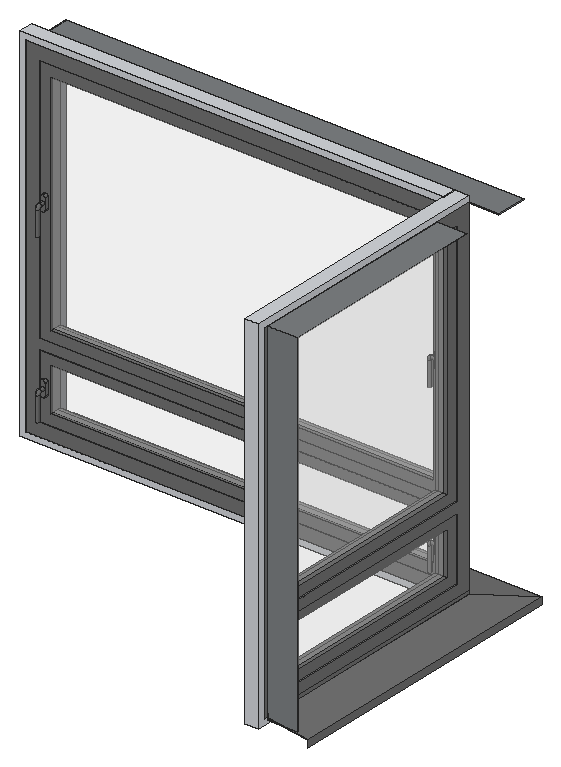
Revit family "AVLN_Окно_Г-образное_1_1_НГС", category Окна, Revit 2021
Family settings
  Основа = Стена
  Номер OmniClass = 23.30.20.00
  Заголовок OmniClass = Windows
  Всегда вертикально = Да
  При загрузке вырезать с полостями = Нет
  Общий = Нет
  Точка принадлежности помещению = Нет
Parameters (values of type "Теплое_(2150х800)х1600(h) отлив 180мм")
  Ширина.2 = 1300 mm
  Ширина.1 = 2100 mm
  Ширина створки 2 = Ширина.2 - Ширина рамы * 2 - Монтажный зазор  # 1130 mm
  Ширина рамы = 70 mm
  Створка право низ = АВЛН_Створка открывная : Створка повороно-откидная правая
  Створка право верх = АВЛН_Створка открывная : Створка повороно-откидная правая
  Створка лево низ = АВЛН_Створка открывная : Створка повороно-откидная правая
  Створка лево верх = АВЛН_Створка открывная : Створка повороно-откидная правая
  Откос толщина = 2 mm
  Откос наружный = yes
  Откос длина 2 = Ширина.2 - [Четверть слева/справа]  # 1250 mm
  Откос длина 1 = Ширина.1 + Ширина рамы - [Четверть слева/справа]  # 2120 mm
  Откос высота = ADSK_Размер_Высота - Черверть верх  # 1750 mm
  Откос Н.Глубина = 150 mm
  Определить тепловые свойства по = Тип схем
  М.Откос = ADSK_Штукатурка_Шероховатая серая_Откосы
  Глубина вставки = 0 mm
  Высота нижней створки = 320 mm
  Ширина створки = Ширина.1 - Монтажный зазор - Ширина рамы  # 2000 mm
  Ширина импоста = 50 mm
  Четверть низ = 0 mm  # constant formula
  Четверть слева/справа = 50 mm
  Черверть верх = 50 mm
  Толщина створки = 25 mm  # constant formula
  Створка_Глубина = 50 mm
  Rough Width = ADSK_Размер_Ширина  # 1500 mm
  Rough Height = ADSK_Размер_Высота  # 1800 mm
  Подстановочный профиль_Толщина = 50 mm
  Подоконник_Толщина = 20 mm
  Подоконник_Длина = ADSK_Размер_Ширина  # 1500 mm
  Подоконник_Глубина = 190 mm
  Подоконник.2 = Ширина.2 - Ширина рамы  # 1230 mm
  Подоконник.1 = Ширина.1  # 2100 mm
  Подоконник = no
  Отлив_Толщина = 1 mm  # constant formula
  Отлив_Длина.1 = Ширина.1 + Ширина рамы - [Четверть слева/справа]  # 2120 mm
  Отлив_Глубина = 180 mm
  Отлив_Длина.2 = Ширина.2 - [Четверть слева/справа]  # 1250 mm
  Отлив = yes
  Монтажный зазор = 30 mm  # constant formula
  М.Подоконник = AVLN_Материал импоста_RAL 7024
  М.Отлив = AVLN_Материал импоста_RAL 7024
  М.Монтажного зазора = none
  М.Стекла = AVLN_Остекление окон и дверей
  М.Рамы = AVLN_Материал импоста_RAL 7024
  М.Подоконный профиль = Рама
  Высота установки ручки = 380 mm
  Высота створки = ADSK_Размер_Высота - 2 * Монтажный зазор - Ширина импоста - Высота нижней створки - 2 * Ширина рамы  # 1230 mm
  Height = ADSK_Размер_Высота  # 1800 mm
  Высота подоконника по умолчанию = 800 mm
  Замыкание стены = По основе
  Width = ADSK_Размер_Ширина  # 1500 mm
  Аналитическая конструкция = "<Нет>"
  ADSK_Этаж [instance] = ""
  ADSK_Размер_Ширина = 1500 mm
  ADSK_Размер_Высота = 1800 mm
  ADSK_Примечание [instance] = ""
  ADSK_Обозначение = ""
  ADSK_Номер секции = ""
  ADSK_Наименование = ""
  ADSK_Марка = "ОК-5"
  ADSK_Группирование = ""
  -----------Разрезка----------- = ""
  -----------Профили----------- = ""
  -----------Подоконник----------- = ""
  -----------Отлив----------- = ""
  -----------Откос----------- = ""
  -----------Основные габариты----------- = ""
  -----------Вставка----------- = ""
Reference planes
  plane 1 "По центру (Вперед/Назад)": y = 0
  plane 2 "По центру (Влево/Вправо)": x = 0
  plane 3 "Слева": x = -1085
  plane 4 "Справа": x = 1085
  plane 5 "Подоконник": z = 800
  plane 6 "Заголовок": z = 2600
  plane 7 "Наружный": y = 100
  plane 8 "Внутренние": y = -100
  plane 9 "Окно": y = 100
  plane 10: x = 1055
  plane 11: z = 2570
  plane 12: x = -1085
  plane 13: z = 830
  plane 14: x = 1035
  plane 15: x = -1035
  plane 16: z = 1700
  plane 17: y = 400
  plane 18: y = -400
  plane 19: z = 2550
  plane 20 "Чет. низ": z = 800
  plane 21 "Верх створка": y = 30
  plane 22: y = -1200
  plane 23: x = 1015
  plane 24 "Право створка": x = 1015
  plane 25: y = -1150
  plane 26: x = 1385
  plane 27: z = 2500
  plane 28: z = 900
  plane 29: z = 1700
  plane 30: x = -1055
  plane 31: x = -985
  plane 32: z = 1885
  plane 33: x = 15
  plane 34: z = 1060
  plane 35: y = -535
  plane 36: z = 1220
  plane 37: z = 1270
  plane 38: y = -1170
  plane 39: y = -1100
Forms (mm)
  Extrusion 1, void
    sketch origin (0, 100, 0) x (1, 0, 0) y (0, 0, 1)
      loop
        line (1085, 2550) -> (-1035, 2550) -> (-1035, 800) -> (1085, 800) -> (1085, 2550)
    from -300 to 0
  Extrusion 2, void
    sketch origin (0, 100, 0) x (1, 0, 0) y (0, 0, 1)
      loop
        line (1085, 2600) -> (-1085, 2600) -> (-1085, 800) -> (1085, 800) -> (1085, 2600)
    from 0 to 1300
  Extrusion 3, void
    sketch origin (-1085, 0, 0) x (0, -1, 0) y (0, 0, 1)
      loop
        line (-100, 800) -> (1150, 800) -> (1150, 2550) -> (-100, 2550) -> (-100, 800)
    from -2470 to -2170
  Extrusion 4, void
    sketch origin (0, 0, 800) x (0, -1, 0) y (1, 0, 0)
      loop
        line (-100, 1085) -> (-100, 1385) -> (-400, 1385) -> (-400, 1085) -> (-100, 1085)
    from 0 to 1750
Text (mm)
  text "EXTERIOR" at (-1963.203, 1332.353, 0), in view "Опорный уровень"
  text "INTERIOR" at (-1981.466, -818.386, 0), in view "Опорный уровень"
  text "Наружный" at (0, 923.751, 2943.296), in view "Справа"
  text "Наружный" at (0, 1240.237, 2685.409), in view "Слева"
Dimensions and locks
  equal spacing: plane 3 "Слева", plane 2 "По центру (Влево/Вправо)", plane 4 "Справа"
  "Ширина.1": plane 3 "Слева" to plane 24 "Право створка"
  "Rough Height": plane 5 "Подоконник" to plane 6 "Заголовок"
  "Высота подоконника по умолчанию": plane 5 "Подоконник" to level
  locked: plane 7 "Наружный" to host wall
  locked: plane 8 "Внутренние" to host wall
  "Глубина вставки": plane 9 "Окно" to plane 7 "Наружный"
  "Монтажный зазор": plane 10 to plane 4 "Справа"
  locked: plane 3 "Слева" to plane 12
  "Монтажный зазор": plane 11 to plane 6 "Заголовок"
  "Монтажный зазор": plane 5 "Подоконник" to plane 13
  "Четверть слева/справа": plane 14 to plane 4 "Справа"
  "Четверть слева/справа": plane 3 "Слева" to plane 15
  equal spacing: plane 5 "Подоконник", plane 16, plane 6 "Заголовок"
  locked: plane 7 "Наружный" to plane 17 at 300
  locked: plane 18 to plane 8 "Внутренние" at 300
  "Черверть верх": plane 19 to plane 6 "Заголовок"
  "Четверть низ": plane 5 "Подоконник" to plane 20 "Чет. низ"
  "Ширина рамы": plane 9 "Окно" to plane 21 "Верх створка"
  "Ширина.2": plane 9 "Окно" to plane 22
  "Ширина рамы": plane 23 to plane 4 "Справа"
  "Ширина рамы": plane 24 "Право створка" to plane 4 "Справа"
  "Четверть слева/справа": plane 25 to plane 22
  locked: plane 4 "Справа" to plane 26 at 300
  "Ширина рамы": plane 27 to plane 11
  equal spacing: plane 28, plane 29, plane 27
  "Монтажный зазор": plane 12 to plane 30
  "Ширина рамы": plane 30 to plane 31
  Extrusion 1 to plane 21 "Верх створка" to nested 3 to plane 22 = 70 mm, 1130 mm, 100 mm
  nested 3 to plane 22 = 30 mm
  equal spacing: plane 37, plane 32, plane 27
  equal spacing: plane 24 "Право створка", plane 33, plane 31
  equal spacing: plane 28, plane 34, plane 36
  equal spacing: plane 39, plane 35, plane 21 "Верх створка"
  "Высота нижней створки": plane 28 to plane 36
  "Ширина импоста": plane 36 to plane 37
  "Монтажный зазор": plane 22 to plane 38
  "Ширина рамы": plane 38 to plane 39
  "Ширина рамы": plane 28 to plane 13
  aligned and locked: Extrusion 1 sketch curve to plane 15
  aligned and locked: Extrusion 1 to plane 9 "Окно"
  aligned and locked: plane 17 to Extrusion 1
  aligned and locked: Extrusion 2 sketch curve to plane 6 "Заголовок"
  aligned and locked: Extrusion 2 sketch curve to plane 4 "Справа"
  aligned and locked: plane 5 "Подоконник" to Extrusion 2 sketch curve
  aligned and locked: plane 3 "Слева" to Extrusion 2 sketch curve
  aligned and locked: Extrusion 2 to plane 9 "Окно"
  aligned and locked: Extrusion 1 sketch curve to plane 19
  aligned and locked: plane 20 "Чет. низ" to Extrusion 1 sketch curve
  aligned and locked: plane 9 "Окно" to nested 1
  aligned and locked: nested 2 to plane 21 "Верх створка"
  aligned and locked: nested 3 to plane 5 "Подоконник"
  aligned and locked: plane 4 "Справа" to Extrusion 1 sketch curve
  aligned and locked: Extrusion 3 sketch curve to plane 9 "Окно"
  aligned and locked: Extrusion 3 sketch curve to plane 19
  aligned and locked: Extrusion 3 sketch curve to plane 25
  aligned and locked: Extrusion 3 sketch curve to plane 20 "Чет. низ"
  aligned and locked: plane 26 to Extrusion 3
  aligned and locked: Extrusion 2 to plane 22
  aligned and locked: plane 4 "Справа" to Extrusion 4 sketch curve
  aligned and locked: plane 26 to Extrusion 4 sketch curve
  aligned and locked: plane 9 "Окно" to Extrusion 4 sketch curve
  aligned and locked: plane 5 "Подоконник" to Extrusion 4
  aligned and locked: plane 19 to Extrusion 4
  aligned and locked: plane 15 to nested 1
  aligned and locked: nested 2 to plane 12
  aligned and locked: plane 4 "Справа" to Extrusion 3
  aligned and locked: nested 5 to plane 9 "Окно"
  aligned and locked: nested 5 to plane 4 "Справа"
  aligned and locked: nested 7 to plane 22
  aligned and locked: nested 7 to plane 9 "Окно"
  aligned and locked: nested 7 to plane 6 "Заголовок"
  aligned and locked: nested 7 to plane 20 "Чет. низ"
  aligned and locked: plane 6 "Заголовок" to nested 6
  aligned and locked: nested 6 to plane 3 "Слева"
  aligned and locked: nested 6 to plane 4 "Справа"
  aligned and locked: plane 35 to nested 8
  aligned and locked: plane 35 to nested 9
  aligned and locked: nested 9 to plane 34
  aligned and locked: plane 33 to nested 10
  aligned and locked: nested 10 to plane 32
  aligned and locked: nested 11 to plane 34
  aligned and locked: nested 11 to nested 4
  aligned and locked: nested 8 to plane 32
  aligned and locked: nested 4 to plane 20 "Чет. низ"
  aligned and locked: plane 22 to nested 3
Automatic sketch dimensions
  plane 17 to Extrusion 4 sketch curve = 0 mm
Nested families
  nested 1: "Отлив-Г" at (25, 100, 800) x (-1, 0, 0) z (0, 0, 1), Глубина отлива <- "Отлив_Глубина", Длина отлива <- "Отлив_Длина.1", ТО <- "Отлив_Толщина", Ш_МЗЗ <- "Монтажный зазор", ADSK_Группирование <- "ADSK_Группирование", ADSK_Номер секции <- "ADSK_Номер секции", ADSK_Этаж <- "ADSK_Этаж", Ш2 <- "Отлив_Длина.2", visible <- "Отлив", type "Отлив"
    with Ш_ПП 20 mm, Ш_МЗЗ 30 mm, Ш2 1250 mm, ТО 1 mm, Длина отлива 2120 mm, Глубина отлива 180 mm, ADSK_Этаж "", ADSK_Примечание "", ADSK_Обозначение "", ADSK_Номер секции "", ADSK_Наименование "", ADSK_Марка "", ADSK_Группирование ""
  nested 2: "Подоконник-Г" at (-35, 30, 800), Глубина подоконника <- "Подоконник_Глубина", ТП <- "Подоконник_Толщина", Ш_МЗЗ <- "Монтажный зазор", ADSK_Группирование <- "ADSK_Группирование", ADSK_Номер секции <- "ADSK_Номер секции", ADSK_Этаж <- "ADSK_Этаж", visible <- "Подоконник", Длина <- "Подоконник.1", Ш2 <- "Подоконник.2", М <- "М.Подоконник", type "Подоконник"
    with Ш_ПП 20 mm, Ш_МЗЗ 30 mm, Ш2 1230 mm, ТП 20 mm, М AVLN_Материал импоста_RAL 7024, Длина 2100 mm, Глубина подоконника 190 mm, ADSK_Этаж "", ADSK_Примечание "", ADSK_Обозначение "", ADSK_Номер секции "", ADSK_Наименование "", ADSK_Марка "", ADSK_Группирование ""
  nested 3: "О-Г1" at (1085, -535, 1700) x (0, 1, 0) z (-1, 0, 0), type "О-Г1"
  nested 4: "О2-Г1" at (15, 100, 2080) x (-1, 0, 0) z (0, -1, 0), type "О2-Г1"
  nested 5: "Откос_Г-образный" at (100, 175, 820), ADSK_Размер_Толщина <- "Откос толщина", Ширина 1 <- "Откос длина 1", Ширина 2 <- "Откос длина 2", ADSK_Размер_Высота <- "Откос высота", visible <- "Откос наружный", Материал <- "М.Откос", ADSK_Размер_Глубина <- "Откос Н.Глубина", type "Откос_Г-образный"
    with Ширина 2 1250 mm, Ширина 1 2120 mm, Материал ADSK_Штукатурка_Шероховатая серая_Откосы, Видимость yes, АВЛН_Помещения "", ADSK_Этаж "", ADSK_Размер_Ширина 3370 mm, ADSK_Размер_Толщина 2 mm, ADSK_Размер_Площадь 1.0305 m², ADSK_Размер_Глубина 150 mm, ADSK_Размер_Высота 1750 mm, ADSK_Номер секции "", ADSK_Группирование ""
  nested 6: "AVLN_Обозначение проема" at (0, 150, 1700) x (0, 0, -1) z (0, -1, 0), ADSK_Размер_Ширина <- "ADSK_Размер_Высота", type "AVLN_Обозначение проема", detail levels coarse
    with ADSK_Размер_Ширина 1800 mm, ADSK_Размер_Высота 2170 mm
  nested 7: "AVLN_Обозначение проема" at (1085, -550, 1700) x (0, 0, -1) z (-1, 0, 0), type "AVLN_Обозначение проема", detail levels coarse
    with ADSK_Размер_Ширина 1800 mm, ADSK_Размер_Высота 1300 mm
  nested 8: "АВЛН_Створка открывная" at (1015, -535, 1885) x (0, 1, 0) z (1, 0, 0), Створка высота <- "Высота створки", Створка ширина <- "Ширина створки 2", Материал_Ручки <- "М.Рамы", Материал_Рама <- "М.Рамы", Материал_Стеклопакет <- "М.Стекла", Ширина рамы <- "Ширина импоста", type <- "Створка лево верх", type "Створка повороно-откидная правая"
    with Ширина рамы 50 mm, Створка ширина 1130 mm, Створка высота 1230 mm, Материал_Стеклопакет AVLN_Остекление окон и дверей, Материал_Ручки AVLN_Материал импоста_RAL 7024, Материал_Рама AVLN_Материал импоста_RAL 7024
  nested 9: "АВЛН_Створка открывная" at (1015, -535, 1060) x (0, 1, 0) z (1, 0, 0), Створка высота <- "Высота нижней створки", Створка ширина <- "Ширина створки 2", Материал_Ручки <- "М.Рамы", Материал_Рама <- "М.Рамы", Материал_Стеклопакет <- "М.Стекла", Ширина рамы <- "Ширина импоста", type <- "Створка лево низ", type "Створка повороно-откидная правая"
    with Ширина рамы 50 mm, Створка ширина 1130 mm, Створка высота 320 mm, Материал_Стеклопакет AVLN_Остекление окон и дверей, Материал_Ручки AVLN_Материал импоста_RAL 7024, Материал_Рама AVLN_Материал импоста_RAL 7024
  nested 10: "АВЛН_Створка открывная" at (15, 30, 1885) x (-1, 0, 0) z (0, 1, 0), Створка высота <- "Высота створки", Створка ширина <- "Ширина створки", Материал_Ручки <- "М.Рамы", Материал_Рама <- "М.Рамы", Материал_Стеклопакет <- "М.Стекла", Ширина рамы <- "Ширина импоста", type <- "Створка право верх", type "Створка повороно-откидная правая"
    with Ширина рамы 50 mm, Створка ширина 2000 mm, Створка высота 1230 mm, Материал_Стеклопакет AVLN_Остекление окон и дверей, Материал_Ручки AVLN_Материал импоста_RAL 7024, Материал_Рама AVLN_Материал импоста_RAL 7024
  nested 11: "АВЛН_Створка открывная" at (15, 30, 1060) x (-1, 0, 0) z (0, 1, 0), Створка высота <- "Высота нижней створки", Створка ширина <- "Ширина створки", Материал_Ручки <- "М.Рамы", Материал_Рама <- "М.Рамы", Материал_Стеклопакет <- "М.Стекла", Ширина рамы <- "Ширина импоста", type <- "Створка право низ", type "Створка повороно-откидная правая"
    with Ширина рамы 50 mm, Створка ширина 2000 mm, Створка высота 320 mm, Материал_Стеклопакет AVLN_Остекление окон и дверей, Материал_Ручки AVLN_Материал импоста_RAL 7024, Материал_Рама AVLN_Материал импоста_RAL 7024
Definition of nested family "Отлив-Г"
  Parameters (values of type "Отлив")
    Ш_ПП [instance] = 50 mm
    Ш_МЗЗ [instance] = 35 mm
    Ш2 [instance] = 1115.021 mm
    ТО [instance] = 1 mm
    Default Elevation = 1219.2 mm
    М = none
    Длина отлива [instance] = 1560 mm
    Глубина отлива [instance] = 280 mm
    Analytic Construction = "<Нет>"
    ADSK_Этаж [instance] = ""
    ADSK_Примечание [instance] = ""
    ADSK_Обозначение [instance] = ""
    ADSK_Номер секции [instance] = ""
    ADSK_Наименование [instance] = ""
    ADSK_Марка [instance] = ""
    ADSK_Группирование [instance] = ""
  Reference planes
    plane 1 "По центру (Вперед/Назад)": y = 0
    plane 2: z = 0
    plane 3 "По центру (Влево/Вправо)": x = 0
    plane 4: y = -280
    plane 5: x = -780
    plane 6: x = 780
    plane 7: y = 1115.021
  Forms (mm)
    Sweep 1, solid, material <- "М", detail levels medium+fine
      path origin (0, 0, 0) x (1, 0, 0) y (0, 1, 0)
        loop
          line (-780, 1115.021) -> (-780, 0) -> (780, 0)
      profile "Профиль_Отлив : Профиль_Отлив" origin (-780, 557.51, 0) x (1, 0, 0) y (0, 0, 1)
        loop
          line (0, 50) -> (-1, 50) -> (-1, 34.893) -> (-300, 0.893) -> (-300, -35) -> (-299, -35) -> (-299, 0) -> (0, 34) -> (0, 50)
  Dimensions and locks
    equal spacing: plane 5, plane 3 "По центру (Влево/Вправо)", plane 6
    "Длина отлива": plane 5 to plane 6
    "Глубина отлива": plane 4 to plane 1 "По центру (Вперед/Назад)"
    "Ш2": plane 1 "По центру (Вперед/Назад)" to plane 7
    aligned and locked: level to plane 2
    aligned and locked: Sweep 1 sketch curve to plane 5
    aligned and locked: Sweep 1 sketch curve to plane 1 "По центру (Вперед/Назад)"
    aligned and locked: plane 7 to Sweep 1 sketch curve
    aligned and locked: plane 6 to Sweep 1 sketch curve
Definition of nested family "Подоконник-Г"
  Parameters (values of type "Подоконник")
    Ш_ПП [instance] = 50 mm
    Ш_МЗЗ [instance] = 35 mm
    Ш2 [instance] = 1440 mm
    ТП [instance] = 20 mm
    Default Elevation = 1219.2 mm
    М [instance] = none
    Длина [instance] = 1560 mm
    Глубина подоконника [instance] = 280 mm
    ADSK_Этаж [instance] = ""
    ADSK_Примечание [instance] = ""
    ADSK_Обозначение [instance] = ""
    ADSK_Номер секции [instance] = ""
    ADSK_Наименование [instance] = ""
    ADSK_Марка [instance] = ""
    ADSK_Группирование [instance] = ""
  Reference planes
    plane 1 "По центру (Вперед/Назад)": y = 0
    plane 2: z = 0
    plane 3 "По центру (Влево/Вправо)": x = 0
    plane 4: x = -780
    plane 5: x = 780
    plane 6: z = 35
    plane 7: z = 85
    plane 8: z = -35
    plane 9: z = 15
    plane 10: z = 65
    plane 11: y = -1440
  Forms (mm)
    Sweep 1, solid, material <- "М", detail levels medium+fine
      path origin (0, 0, 0) x (1, 0, 0) y (0, 1, 0)
        loop
          line (780, -1440) -> (780, 0) -> (-780, 0)
      profile "Профиль_Подоконник : Профиль_Подоконник" origin (0, 0, 0) x (0, -1, 0) y (0, 0, 1)
        loop
          line (0, 85) -> (0, 65) -> (290, 65) -> (290, 0) -> (310, 0) -> (310, 85) -> (0, 85)
  Dimensions and locks
    equal spacing: plane 4, plane 3 "По центру (Влево/Вправо)", plane 5
    "Длина": plane 4 to plane 5
    "Ш_МЗЗ": plane 6 to level
    "Ш_ПП": plane 7 to plane 6
    locked: level to plane 8 at 35
    "ТП": plane 6 to plane 9
    "ТП": plane 7 to plane 10
    "Ш2": plane 11 to plane 1 "По центру (Вперед/Назад)"
    aligned and locked: level to plane 2
    aligned and locked: Sweep 1 sketch curve to plane 1 "По центру (Вперед/Назад)"
    aligned and locked: Sweep 1 sketch curve to plane 5
    aligned and locked: plane 4 to Sweep 1 sketch curve
    aligned and locked: plane 11 to Sweep 1 sketch curve
Definition of nested family "О-Г1"
  Parameters (values of type "О-Г1")
    неСТ = and(not(Лево), not(Право), not(Откидывание))  # no
    ШС = 25 mm
    ШР = 70 mm
    ШПП = 20 mm
    ШНС = 320 mm
    ШИ = 50 mm
    ШДС = 300 mm
    Ш = 1300 mm
    ТС = 25 mm
    ТПП = 50 mm
    СТ = or((Лево), (Право), (Откидывание))  # yes
    Право = no
    Default Elevation = 1219.2 mm
    Откидывание = no
    Define Thermal Properties by = 1
    МЗР = 30 mm
    М.С = none
    М.Р = none
    М.ПП = none
    М.МЗ = none
    Лево = yes
    Вы = 1800 mm
    ВУР = 380 mm
    ВНС = 320 mm
    Analytic Construction = "<Нет>"
    0 = 0 mm  # constant formula
  Reference planes
    plane 1 "По центру (Вперед/Назад)": y = 0
    plane 2: z = 0
    plane 3 "По центру (Влево/Вправо)": x = 0
    plane 4: x = -635
    plane 5: x = 635
    plane 6: y = 870
    plane 7: y = -870
    plane 8: x = -565
    plane 9: y = 800
    plane 10: x = 565
    plane 11: y = -800
    plane 12: x = -565
    plane 13: y = -800
    plane 14: y = -800
    plane 15: y = -800
    plane 16: z = 70
    plane 17: x = -540
    plane 18: y = 775
    plane 19: x = 540
    plane 20: y = -775
    plane 21 "СЗ": z = 45
    plane 22 "СП": z = 20
    plane 23: y = 0
    plane 24: x = 0
    plane 25: x = -665
    plane 26: x = 635
    plane 27: y = 900
    plane 28: y = -900
    plane 29 "СЕР": z = 35
    plane 30: z = 60
    plane 31: z = 10
    plane 32: y = -50
    plane 33: x = -552.5
    plane 34: x = 552.5
    plane 35: y = -430
    plane 36: y = -480
    plane 37: y = 172.5
    plane 38: y = -640
    plane 39: x = -100
    plane 40: x = 100
  Forms (mm)
    Extrusion 1, solid
      sketch origin (0, 0, 0) x (1, 0, 0) y (0, 1, 0)
        loop
          line (-1219.2, 1219.2) -> (-1219.2, -1219.2) -> (1219.2, -1219.2) -> (1219.2, 1219.2) -> (-1219.2, 1219.2)
      from 0 to -304.8
    Extrusion 2, solid, material <- "М.Р", detail levels medium+fine
      sketch origin (0, 0, 0) x (1, 0, 0) y (0, 1, 0)
        loop
          line (-635, 870) -> (-635, -870) -> (635, -870) -> (635, 870) -> (-635, 870)
        loop
          line (-565, 800) -> (-565, -430) -> (565, -430) -> (565, 800) -> (-565, 800)
        loop
          line (-565, -800) -> (565, -800) -> (565, -480) -> (-565, -480) -> (-565, -800)
      from 0 to 70
    Extrusion 3, solid, material <- "М.МЗ", detail levels medium+fine
      sketch origin (0, 0, 0) x (1, 0, 0) y (0, 1, 0)
        loop
          line (-665, 900) -> (-665, -900) -> (635, -900) -> (635, -870) -> (-635, -870) -> (-635, 870) -> (635, 870) -> (635, 900) -> (-665, 900)
      from 0 to 70
  Lines and regions (mm)
    symbolic lines
      curve 1: line (635, 0, 70) -> (565, 0, 70)
      curve 2: line (635, 0, 0) -> (635, 0, 70)
      curve 3: line (565, 0, 0) -> (635, 0, 0)
      curve 4: line (565, 0, 70) -> (565, 0, 0)
      curve 5: line (-565, 0, 70) -> (-665, 0, 70)
      curve 6: line (-565, 0, 0) -> (-565, 0, 70)
      curve 7: line (-665, 0, 0) -> (-565, 0, 0)
      curve 8: line (-665, 0, 70) -> (-665, 0, 0)
      curve 9: line (-565, 0, 70) -> (-635, 0, 70)
      curve 10: line (-565, 0, 0) -> (-565, 0, 70)
      curve 11: line (-635, 0, 0) -> (-565, 0, 0)
      curve 12: line (-635, 0, 70) -> (-635, 0, 0)
      curve 13: line (565, 0, 70) -> (-565, 0, 70)
      curve 14: line (565, 0, 0) -> (-565, 0, 0)
      curve 15: line (-635, 0, 70) -> (-565, 0, 70)
      curve 16: line (-635, 0, 0) -> (-565, 0, 0)
  Dimensions and locks
    equal spacing: plane 4, plane 3 "По центру (Влево/Вправо)", plane 5
    equal spacing: plane 6, plane 1 "По центру (Вперед/Назад)", plane 7
    "Вы": plane 27 to plane 28
    "Ш": plane 25 to plane 26
    "ШР": plane 6 to plane 9
    "ШР": plane 11 to plane 7
    "ШР": plane 10 to plane 5
    "ШР": plane 4 to plane 8
    equal spacing: plane 15, plane 14, plane 13
    "0": plane 15 to plane 13
    "0": plane 13 to plane 11
    "ШР": plane 16 to level
    "ШС": plane 12 to plane 17
    "ШС": plane 19 to plane 10
    "ШС": plane 9 to plane 18
    "ШС": plane 20 to plane 15
    "ТС": plane 16 to plane 21 "СЗ"
    "ТС": plane 21 "СЗ" to plane 22 "СП"
    equal spacing: plane 9, plane 23, plane 15
    equal spacing: plane 17, plane 24, plane 19
    "МЗР": plane 25 to plane 4
    locked: plane 5 to plane 26
    "МЗР": plane 27 to plane 6
    equal spacing: plane 16, plane 29 "СЕР", level
    equal spacing: plane 30, plane 29 "СЕР", plane 31
    "ТПП": plane 30 to plane 31
    "ВУР": plane 32 to plane 35
    plane 33 to plane 17 = 12.5 mm
    equal spacing: plane 19, plane 34, plane 10
    "ВНС": plane 36 to plane 15
    "ШИ": plane 35 to plane 36
    equal spacing: plane 18, plane 37, plane 35
    equal spacing: plane 36, plane 38, plane 15
    plane 39 to plane 3 "По центру (Влево/Вправо)" to plane 40 = 100 mm locked, 100 mm locked
    "МЗР": plane 7 to plane 28
    aligned and locked: plane 2 to Extrusion 1
    aligned and locked: level to Extrusion 1
    aligned and locked: Extrusion 2 sketch curve to plane 4
    aligned and locked: Extrusion 2 sketch curve to plane 8
    aligned and locked: Extrusion 2 sketch curve to plane 6
    aligned and locked: Extrusion 2 sketch curve to plane 9
    aligned and locked: Extrusion 2 sketch curve to plane 10
    aligned and locked: Extrusion 2 sketch curve to plane 5
    aligned and locked: Extrusion 2 sketch curve to plane 15
    aligned and locked: Extrusion 2 sketch curve to plane 7
    aligned and locked: plane 16 to Extrusion 2
    aligned and locked: curve 1 to plane 16
    aligned and locked: level to curve 3
    aligned and locked: plane 10 to curve 4
    aligned and locked: curve 6 to plane 8
    aligned and locked: curve 5 to plane 16
    aligned and locked: level to curve 7
    aligned and locked: plane 10 to curve 14
    aligned and locked: plane 8 to curve 15
    aligned and locked: curve 14 to level
    aligned and locked: curve 16 to level
    aligned and locked: curve 15 to plane 16
    aligned and locked: curve 13 to plane 16
    aligned and locked: Extrusion 3 sketch curve to plane 25
    aligned and locked: Extrusion 3 sketch curve to plane 27
    aligned and locked: Extrusion 3 sketch curve to plane 4
    aligned and locked: Extrusion 3 sketch curve to plane 5
    aligned and locked: Extrusion 3 sketch curve to plane 6
    aligned and locked: Extrusion 3 to level
    aligned and locked: plane 16 to Extrusion 3
    aligned and locked: curve 2 to plane 26
    aligned and locked: plane 25 to curve 8
    aligned and locked: Extrusion 3 sketch curve to plane 28
    aligned and locked: plane 12 to plane 8
    aligned and locked: plane 4 to curve 12
    aligned and locked: Extrusion 2 sketch curve to plane 35
    aligned and locked: Extrusion 2 sketch curve to plane 36
    aligned and locked: plane 7 to Extrusion 3
  Automatic sketch dimensions
    Extrusion 1 sketch curve to Extrusion 1 sketch curve = 2438.4 mm  (x2)
    Extrusion 3 sketch curve to plane 5 = 0 mm
    Extrusion 2 sketch curve to Extrusion 2 sketch curve = 0 mm
    Extrusion 2 sketch curve to plane 10 = 0 mm
    Extrusion 3 sketch curve to plane 7 = 0 mm
Definition of nested family "О2-Г1"
  Parameters (values of type "О2-Г1")
    Width = 2100 mm
    ШШ = Ш + МЗР + ШР  # 2200 mm
    ШС = 25 mm
    ШР = 70 mm
    ШПП = 20 mm
    ШНС = 320 mm
    ШИ = 50 mm
    ШДС = 2000 mm
    Ш = 2100 mm
    ТС = 25 mm
    ТПП = 50 mm
    СТ.2 = no
    СТ.1 = no
    Default Elevation = 1219.2 mm
    Define Thermal Properties by = 1
    МЗР = 30 mm
    М.С = none
    М.Р = none
    М.ПП = none
    М.МЗ = none
    Вы = 1800 mm
    Analytic Construction = "<Нет>"
  Reference planes
    plane 1 "По центру (Вперед/Назад)": y = 0
    plane 2: z = 0
    plane 3 "По центру (Влево/Вправо)": x = 0
    plane 4: x = -1070
    plane 5: x = 1070
    plane 6: y = 490
    plane 7: y = -1250
    plane 8: x = -1000
    plane 9: y = 420
    plane 10: x = 1000
    plane 11: y = -1180
    plane 12: y = -860
    plane 13: y = -835
    plane 14: y = -810
    plane 15: z = 70
    plane 16: y = 395
    plane 17: z = 50
    plane 18: z = 25
    plane 19: y = -195
    plane 20: x = -1100
    plane 21: x = 1100
    plane 22: y = 520
    plane 23: y = -1280
    plane 24: z = 35
    plane 25: z = 60
    plane 26: z = 10
    plane 27: y = 455
    plane 28: y = -145
    plane 29 "СЕР": z = 35
    plane 30: x = 0
    plane 31: y = -1020
  Forms (mm)
    Extrusion 1, solid
      sketch origin (0, 0, 0) x (1, 0, 0) y (0, 1, 0)
        loop
          line (-1219.2, 1219.2) -> (-1219.2, -1219.2) -> (1219.2, -1219.2) -> (1219.2, 1219.2) -> (-1219.2, 1219.2)
      from 0 to -304.8
    Extrusion 2, solid, material <- "М.Р", detail levels medium+fine
      sketch origin (0, 0, 0) x (1, 0, 0) y (0, 1, 0)
        loop
          line (-1000, 490) -> (-1000, 420) -> (1000, 420) -> (1000, -810) -> (-1000, -810) -> (-1000, -860) -> (1000, -860) -> (1000, -1180) -> (-1000, -1180) -> (-1000, -1250) -> (1070, -1250) -> (1070, 490) -> (-1000, 490)
      from 0 to 70
    Extrusion 3, solid, material <- "М.МЗ", detail levels medium+fine
      sketch origin (0, 0, 0) x (1, 0, 0) y (0, 1, 0)
        loop
          line (-1000, 520) -> (-1000, 490) -> (1070, 490) -> (1070, -1250) -> (-1000, -1250) -> (-1000, -1280) -> (1100, -1280) -> (1100, 520) -> (-1000, 520)
      from 0 to 70
  Lines and regions (mm)
    symbolic lines
      curve 1: line (1100, 0, 70) -> (1000, 0, 70)
      curve 2: line (1100, 0, 0) -> (1100, 0, 70)
      curve 3: line (1000, 0, 0) -> (1100, 0, 0)
      curve 4: line (1000, 0, 70) -> (1000, 0, 0)
      curve 5: line (-1000, 0, 70) -> (-1070, 0, 70)
      curve 6: line (-1000, 0, 0) -> (-1000, 0, 70)
      curve 7: line (-1070, 0, 0) -> (-1000, 0, 0)
      curve 8: line (-1070, 0, 70) -> (-1070, 0, 0)
      curve 9: line (1070, 0, 70) -> (1010, 0, 70)
      curve 10: line (1070, 0, 0) -> (1070, 0, 70)
      curve 11: line (1010, 0, 0) -> (1070, 0, 0)
      curve 12: line (1000, 0, 70) -> (1070, 0, 70)
      curve 13: line (1000, 0, 0) -> (1070, 0, 0)
      curve 14: line (1010, 0, 70) -> (-1000, 0, 70)
      curve 15: line (1010, 0, 0) -> (-1000, 0, 0)
      curve 16: line (1100, 0, 70) -> (1070, 0, 70)
      curve 17: line (1070, 0, 0) -> (1100, 0, 0)
    model lines, visible <- "СТ.2", not visible
      curve 18: line (532.382, 277.588, 0) -> (532.382, 77.588, 0)
      curve 19: line (432.382, 174.579, 0) -> (632.382, 174.579, 0)
    model lines, not visible
      curve 20: line (100, 302.388, 0) -> (100, 102.388, 0)
      curve 21: line (0, 199.379, 0) -> (200, 199.379, 0)
    model lines, visible <- "СТ.1", not visible
      curve 22: line (-537.854, 302.388, 0) -> (-537.854, 102.388, 0)
      curve 23: line (-637.854, 199.379, 0) -> (-437.854, 199.379, 0)
    symbolic lines, visible <- "СТ.1", not visible
      curve 24: line (-670, -176.991, 0) -> (-670, -376.991, 0)
      curve 25: line (-770, -280, 0) -> (-570, -280, 0)
    symbolic lines, visible <- "СТ.2", not visible
      curve 26: line (800.4, -70, 0) -> (800.4, -270, 0)
      curve 27: line (700.4, -173.009, 0) -> (900.4, -173.009, 0)
    symbolic lines, visible <- "СТ.1", not visible, detail levels medium
      curve 28: line (125.2, -70, 0) -> (125.2, -270, 0)
      curve 29: line (25.2, -173.009, 0) -> (225.2, -173.009, 0)
    symbolic lines, not visible
      curve 30: line (0, -585, 35) -> (0, -785, 35)
      curve 31: line (-100, -685, 35) -> (100, -685, 35)
  Dimensions and locks
    equal spacing: plane 4, plane 3 "По центру (Влево/Вправо)", plane 5
    plane 22 to plane 1 "По центру (Вперед/Назад)" to plane 23 = 520 mm, 1280 mm
    "Вы": plane 22 to plane 23
    "ШШ": plane 20 to plane 21
    "ШР": plane 6 to plane 9
    "ШР": plane 11 to plane 7
    "ШР": plane 10 to plane 5
    "ШР": plane 4 to plane 8
    equal spacing: plane 14, plane 13, plane 12
    "ШИ": plane 14 to plane 12
    "ШНС": plane 12 to plane 11
    "ШР": plane 15 to level
    "ШС": plane 9 to plane 16
    "ТС": plane 17 to plane 18
    equal spacing: plane 9, plane 19, plane 14
    "МЗР": plane 20 to plane 4
    "МЗР": plane 5 to plane 21
    "МЗР": plane 22 to plane 6
    "ТС": plane 18 to level
    equal spacing: plane 25, plane 24, plane 26
    equal spacing: plane 15, plane 24, level
    "ТПП": plane 25 to plane 26
    equal spacing: plane 6, plane 27, plane 9
    equal spacing: plane 22, plane 28, plane 14
    equal spacing: level, plane 29 "СЕР", plane 15
    plane 8 to plane 30 = 1000 mm
    equal spacing: plane 12, plane 31, plane 11
    "МЗР": plane 7 to plane 23
    aligned and locked: plane 2 to Extrusion 1
    aligned and locked: level to Extrusion 1
    aligned and locked: Extrusion 2 sketch curve to plane 8
    aligned and locked: Extrusion 2 sketch curve to plane 6
    aligned and locked: Extrusion 2 sketch curve to plane 7
    aligned and locked: Extrusion 2 to plane 15
    aligned and locked: plane 10 to curve 4
    aligned and locked: curve 6 to plane 8
    aligned and locked: plane 15 to curve 5
    aligned and locked: level to curve 7
    aligned and locked: curve 9 to plane 15
    aligned and locked: plane 10 to curve 13
    aligned and locked: plane 8 to curve 14
    aligned and locked: curve 13 to level
    aligned and locked: curve 15 to level
    aligned and locked: curve 14 to plane 15
    aligned and locked: curve 12 to plane 15
    aligned and locked: Extrusion 3 sketch curve to plane 22
    aligned and locked: Extrusion 3 sketch curve to plane 6
    aligned and locked: Extrusion 3 to level
    aligned and locked: Extrusion 3 to plane 15
    aligned and locked: curve 2 to plane 21
    aligned and locked: level to curve 17
    aligned and locked: curve 16 to plane 15
    aligned and locked: Extrusion 3 sketch curve to plane 23
    aligned and locked: Extrusion 2 sketch curve to plane 11
    aligned and locked: Extrusion 3 sketch curve to plane 8
    aligned and locked: nested 1 to plane 23
    aligned and locked: nested 1 to plane 21
    aligned and locked: curve 8 to plane 4
    aligned and locked: Extrusion 2 sketch curve to plane 12
    aligned and locked: Extrusion 2 sketch curve to plane 14
    aligned and locked: plane 8 to Extrusion 2 sketch curve
    aligned and locked: Extrusion 2 to plane 5
    aligned and locked: Extrusion 3 to plane 5
    aligned and locked: Extrusion 3 to plane 21
    aligned and locked: Extrusion 2 to plane 10
    aligned and locked: plane 10 to Extrusion 2  (x2)
    aligned and locked: plane 5 to curve 10
  Automatic sketch dimensions
    Extrusion 1 sketch curve to Extrusion 1 sketch curve = 2438.4 mm  (x2)
    Extrusion 3 sketch curve to plane 8 = 0 mm
    curve 31 to curve 30 = 100 mm  (x2)
    curve 30 to curve 31 = 100 mm  (x2)
    Extrusion 3 sketch curve to plane 7 = 0 mm
    Extrusion 2 sketch curve to plane 8 = 0 mm
    Extrusion 2 sketch curve to plane 9 = 0 mm
    Extrusion 2 sketch curve to plane 5 = 0 mm
    Extrusion 2 sketch curve to plane 10 = 0 mm  (x2)
    plane 21 to Extrusion 3 sketch curve = 0 mm
    Extrusion 3 sketch curve to plane 21 = 30 mm
    curve 1 to curve 9 = 10 mm
    curve 3 to curve 15 = 10 mm
  Nested families
    nested 1: "AVLN_3D-Обозначение прямоугольного отверстия на разрезе" at (50, -1280, 35), Height <- "Вы", Width <- "Ш", type "По умолчанию"
      with Width 2100 mm, Право 0 mm, Лево 0 mm, built-in parameter 1001300 1800 mm, a 195 mm
  Definition of nested family "AVLN_3D-Обозначение прямоугольного отверстия на разрезе"
    Parameters (values of type "По умолчанию")
      Width [instance] = 1000 mm
      Право [instance] = 0 mm
      Default Elevation = 0 mm
      Лево [instance] = 0 mm
      Height [instance] = 1000 mm
      Analytic Construction = "<Нет>"
      a [instance] = (Width + Height) / 20  # 100 mm
    Reference planes
      plane 1 "По центру (Вперед/Назад)": y = 0
      plane 2: z = 0
      plane 3 "По центру (Влево/Вправо)": x = 0
      plane 4: y = 1000
      plane 5: y = 900
      plane 6: x = -500
      plane 7: x = -400
      plane 8: x = 500
      plane 9: z = 1
      plane 10: z = -202.089
      plane 11: x = -500
      plane 12: x = 500
      plane 13: y = 500
    Forms (mm)
      Extrusion 1, solid, detail levels coarse
        sketch origin (0, 0, 0) x (1, 0, 0) y (0, 1, 0)
          loop
            line (-500, 0) -> (-400, 900) -> (500, 1000) -> (-500, 1000) -> (-500, 0)
        from 0 to 1
      Extrusion 2, solid, detail levels coarse
        sketch origin (0, 0, 0) x (1, 0, 0) y (0, 1, 0)
          loop
            line (500, 0) -> (500, 1000) -> (-400, 900) -> (-500, 0) -> (500, 0)
        from 0 to 1
    Dimensions and locks
      equal spacing: plane 6, plane 3 "По центру (Влево/Вправо)", plane 8
      "Height": plane 1 "По центру (Вперед/Назад)" to plane 4
      "a": plane 4 to plane 5
      "a": plane 11 to plane 7
      "Width": plane 6 to plane 8
      plane 9 to level = 1 mm
      "Лево": plane 11 to plane 6
      "Право": plane 8 to plane 12
      equal spacing: plane 4, plane 13, plane 1 "По центру (Вперед/Назад)"
      aligned and locked: level to plane 2
      aligned and locked: Extrusion 1 sketch curve to plane 4
      aligned and locked: plane 7 to Extrusion 1 sketch curve
      aligned and locked: plane 5 to Extrusion 1 sketch curve
      aligned and locked: plane 9 to Extrusion 1
      aligned and locked: Extrusion 1 to level
      aligned and locked: Extrusion 2 sketch curve to plane 1 "По центру (Вперед/Назад)"
      aligned and locked: plane 7 to Extrusion 2 sketch curve
      aligned and locked: plane 5 to Extrusion 2 sketch curve
      aligned and locked: plane 9 to Extrusion 2
      aligned and locked: Extrusion 2 to level
      aligned and locked: plane 12 to Extrusion 2 sketch curve  (x2)
      aligned and locked: plane 4 to Extrusion 2 sketch curve
      aligned and locked: plane 12 to Extrusion 1 sketch curve
      aligned and locked: plane 4 to Extrusion 1 sketch curve
      aligned and locked: plane 11 to Extrusion 1 sketch curve
      aligned and locked: plane 1 "По центру (Вперед/Назад)" to Extrusion 1 sketch curve
      aligned and locked: plane 1 "По центру (Вперед/Назад)" to Extrusion 2 sketch curve
      aligned and locked: plane 11 to Extrusion 2 sketch curve
Definition of nested family "Откос_Г-образный"
  Parameters (values of type "Откос_Г-образный")
    Ширина 2 [instance] = 1100 mm
    Ширина 1 [instance] = 1200 mm
    Материал [instance] = none
    Model = "Наружний откос"  # constant formula
    Видимость [instance] = yes
    АВЛН_Помещения [instance] = ""
    ADSK_Этаж [instance] = ""
    ADSK_Размер_Ширина [instance] = Ширина 1 + Ширина 2  # 2300 mm
    ADSK_Размер_Толщина [instance] = 100 mm
    ADSK_Размер_Площадь [instance] = (ADSK_Размер_Ширина + 2 * ADSK_Размер_Высота) * ADSK_Размер_Глубина  # 1.18 m²
    ADSK_Размер_Глубина [instance] = 200 mm
    ADSK_Размер_Высота [instance] = 1800 mm
    ADSK_Примечание = ""
    ADSK_Обозначение = ""
    ADSK_Номер секции [instance] = ""
    ADSK_Наименование = ""
    ADSK_Марка = ""
    ADSK_Группирование [instance] = ""
  Reference planes
    plane 1 "По центру (Вперед/Назад)": y = 0
    plane 2: z = 0
    plane 3 "По центру (Влево/Вправо)": x = 0
    plane 4: x = -700
    plane 5: x = 700
    plane 6: y = 100
    plane 7: y = -100
    plane 8: x = -600
    plane 9: z = 1800
    plane 10: y = -1200
    plane 11: y = -1100
    plane 12: x = 600
    plane 13: x = 500
  Forms (mm)
    Sweep 1, solid, material <- "Материал", visible <- "Видимость"
      path origin (0, 0, 0) x (1, 0, 0) y (0, 0, 1)
        loop
          line (700, 1800) -> (-700, 1800) -> (-700, 0)
      profile origin (-700, 0, 900) x (0, -1, 0) y (1, 0, 0)
        loop
          line (-100, 0) -> (100, 0) -> (100, 100) -> (-100, 100) -> (-100, 0)
    Sweep 2, solid, material <- "Материал", visible <- "Видимость"
      path origin (500, -400, 0) x (0, 1, 0) y (0, 0, 1)
        loop
          line (500, 1800) -> (-800, 1800) -> (-800, 0)
      profile origin (500, -1200, 900) x (1, 0, 0) y (0, 1, 0)
        loop
          line (0, 0) -> (200, 0) -> (200, 100) -> (0, 100) -> (0, 0)
  Cuts and joins
    joined: Sweep 1, Sweep 2
  Dimensions and locks
    equal spacing: plane 6, plane 1 "По центру (Вперед/Назад)", plane 7
    equal spacing: plane 4, plane 3 "По центру (Влево/Вправо)", plane 5
    "ADSK_Размер_Толщина": plane 4 to plane 8
    "ADSK_Размер_Глубина": plane 6 to plane 7
    "ADSK_Размер_Высота": plane 9 to level
    "ADSK_Размер_Толщина": plane 11 to plane 10
    "Ширина 2": plane 7 to plane 10
    "Ширина 1": plane 4 to plane 13
    equal spacing: plane 13, plane 12, plane 5
    "ADSK_Размер_Глубина": plane 13 to plane 5
    aligned and locked: level to plane 2
    aligned and locked: Sweep 1 sketch curve to plane 4
    aligned and locked: plane 6 to Sweep 1 sketch curve
    aligned and locked: profile plane to Sweep 1 sketch curve
    aligned and locked: Sweep 1 sketch curve to plane 7
    aligned and locked: plane 8 to Sweep 1 sketch curve
    aligned and locked: profile plane to Sweep 2 sketch curve
    aligned and locked: Sweep 2 to plane 10
    aligned and locked: Sweep 2 sketch curve to plane 5
    aligned and locked: Sweep 2 sketch curve to plane 11
    aligned and locked: plane 13 to Sweep 2 sketch curve
    aligned and locked: plane 10 to Sweep 2 sketch curve
    aligned and locked: plane 9 to Sweep 2 sketch curve
    aligned and locked: plane 5 to Sweep 1 sketch curve
    aligned and locked: plane 6 to Sweep 2 sketch curve
  Automatic sketch dimensions
    Sweep 2 sketch curve to level = 0 mm
    Sweep 1 sketch curve to level = 0 mm
    Sweep 1 sketch curve to plane 9 = 0 mm
Definition of nested family "АВЛН_Створка открывная"
  Parameters (values of type "Створка повороно-откидная правая")
    Ширина рамы [instance] = 50 mm
    Width = 1600 mm
    Створка ширина [instance] = 800 mm
    Створка высота [instance] = 700 mm
    Define Thermal Properties by = 1
    Материал_Стеклопакет [instance] = none
    Поворотная Правая = yes
    Поворотная Левая = no
    Default Elevation = 1219.2 mm
    Открываная = yes
    Откидная = yes
    Материал_Ручки [instance] = none
    Материал_Рама [instance] = none
    Левая = yes
    Глухое = no
    Height = 1800 mm
    Analytic Construction = "<Нет>"
  Types (6, lengths in mm): name | Поворотная Правая | Поворотная Левая | Открываная | Откидная | Глухое
    Створка повороно-откидная правая | yes | no | yes | yes | no
    Створка повороно-откидная левая | no | yes | yes | yes | no
    Створка глухая | no | no | no | no | yes
    Створка откидная | no | no | yes | yes | no
    Створка поворотная правая | yes | no | yes | no | no
    Створка поворотная левая | no | yes | yes | no | no
  Reference planes
    plane 1 "По центру (Вперед/Назад)": y = 0
    plane 2 "Внутрення грань": z = 0
    plane 3 "По центру (Влево/Вправо)": x = 0
    plane 4: y = 350
    plane 5: x = 400
    plane 6: y = -350
    plane 7: x = -400
    plane 8 "Наружняя грань": z = 60.433
    plane 9 "По центру Л/Р": z = 30.216
  Forms (mm)
    Extrusion 1, solid
      sketch origin (0, 0, 0) x (1, 0, 0) y (0, 1, 0)
        loop
          line (-1219.2, 1219.2) -> (-1219.2, -1219.2) -> (1219.2, -1219.2) -> (1219.2, 1219.2) -> (-1219.2, 1219.2)
      from 0 to -304.8
    Sweep 2, solid, material <- "Материал_Рама", visible <- "Открываная"
      path origin (0, 0, 0) x (1, 0, 0) y (0, 1, 0)
        loop
          line (400, 350) -> (-400, 350) -> (-400, -350) -> (400, -350) -> (400, 350)
      profile origin (0, 350, 0) x (0, -1, 0) y (0, 0, 1)
        loop
          line (0, 0) -> (50, 0) -> (50, 60.433) -> (0, 60.433) -> (0, 0)
    Extrusion 3, solid, material <- "Материал_Стеклопакет", visible <- "Открываная"
      sketch origin (0, 0, 0) x (1, 0, 0) y (0, 1, 0)
        loop
          line (-350, 300) -> (-350, -300) -> (350, -300) -> (350, 300) -> (-350, 300)
      from 17.481 to 42.952
    Extrusion 4, solid, material <- "Материал_Стеклопакет", visible <- "Глухое"
      sketch origin (0, 0, 0) x (1, 0, 0) y (0, 1, 0)
        loop
          line (-400, 350) -> (-400, -350) -> (400, -350) -> (400, 350) -> (-400, 350)
      from 17.481 to 42.952
  Lines and regions (mm)
    model lines, visible <- "Глухое", detail levels medium+fine
      curve 1: line (0, 50, 60.433) -> (0, -50, 60.433)
      curve 2: line (50, 0, 60.433) -> (-50, 0, 60.433)
      curve 17: line (0, 50, 0) -> (0, -50, 0)
      curve 18: line (50, 0, 0) -> (-50, 0, 0)
    model lines, visible <- "Глухое", not visible, detail levels medium+fine
      curve 3: line (60, 38.001, 60.433) -> (60, -61.999, 60.433)
      curve 4: line (110, -11.999, 60.433) -> (10, -11.999, 60.433)
    model lines, visible <- "Поворотная Левая", detail levels medium+fine
      curve 5: line (400, 350, 0) -> (-400, 0, 0)
      curve 6: line (400, -350, 0) -> (-400, 0, 0)
      curve 13: line (400, 350, 60.433) -> (-400, 0, 60.433)
      curve 14: line (400, -350, 60.433) -> (-400, 0, 60.433)
    model lines, visible <- "Откидная", detail levels medium+fine
      curve 7: line (-400, -350, 0) -> (0, 350, 0)
      curve 8: line (0, 350, 0) -> (400, -350, 0)
      curve 15: line (-400, -350, 60.433) -> (0, 350, 60.433)
      curve 16: line (0, 350, 60.433) -> (400, -350, 60.433)
    model lines, visible <- "Поворотная Правая", detail levels medium+fine
      curve 9: line (-400, 350, 0) -> (400, 0, 0)
      curve 10: line (-400, -350, 0) -> (400, 0, 0)
      curve 11: line (-400, 350, 60.433) -> (400, 0, 60.433)
      curve 12: line (-400, -350, 60.433) -> (400, 0, 60.433)
  Dimensions and locks
    "Створка высота": plane 4 to plane 6
    "Створка ширина": plane 7 to plane 5
    equal spacing: plane 7, plane 3 "По центру (Влево/Вправо)", plane 5
    equal spacing: plane 6, plane 1 "По центру (Вперед/Назад)", plane 4
    plane 2 "Внутрення грань" to plane 8 "Наружняя грань" = 60.433 mm
    level to Extrusion 4 = 42.952 mm
    plane 8 "Наружняя грань" to level = 60.433 mm
    equal spacing: Extrusion 3, plane 9 "По центру Л/Р", Extrusion 3
    equal spacing: plane 8 "Наружняя грань", plane 9 "По центру Л/Р", level
    Extrusion 3 to Extrusion 3 = 25.471 mm
    "Ширина рамы": profile plane to Sweep 2 sketch curve
    equal spacing: Extrusion 4, plane 9 "По центру Л/Р", Extrusion 4, locked at 12.735 each
    locked: Extrusion 4 to Extrusion 4 at 25.471
    equal spacing: Sweep 2, nested 1, Sweep 2
    equal spacing: Sweep 2, nested 2, Sweep 2
    aligned and locked: plane 2 "Внутрення грань" to Extrusion 1
    aligned and locked: level to Extrusion 1
    aligned and locked: plane 4 to Sweep 2 sketch curve
    aligned and locked: plane 5 to Sweep 2 sketch curve
    aligned and locked: plane 6 to Sweep 2 sketch curve
    aligned and locked: Sweep 2 sketch curve to plane 7
    aligned and locked: Extrusion 3 sketch curve to Sweep 2  (x4)
    aligned and locked: Extrusion 4 sketch curve to Sweep 2  (x3)
    aligned and locked: Extrusion 4 sketch curve to plane 5
    aligned and locked: Sweep 2 sketch curve to plane 8 "Наружняя грань"
    aligned and locked: plane 6 to Extrusion 4
    aligned and locked: plane 4 to Extrusion 4
    aligned and locked: curve 2 to plane 1 "По центру (Вперед/Назад)"
    aligned and locked: curve 1 to plane 3 "По центру (Влево/Вправо)"
    aligned and locked: curve 18 to plane 1 "По центру (Вперед/Назад)"
    aligned and locked: curve 17 to plane 3 "По центру (Влево/Вправо)"
    aligned and locked: nested 2 to plane 1 "По центру (Вперед/Назад)"
    aligned and locked: nested 1 to plane 1 "По центру (Вперед/Назад)"
  Automatic sketch dimensions
    Extrusion 1 sketch curve to Extrusion 1 sketch curve = 2438.4 mm  (x2)
    plane 1 "По центру (Вперед/Назад)" to curve 5 = 0 mm
    curve 5 to plane 7 = 0 mm
    curve 9 to plane 4 = 0 mm
    curve 9 to plane 7 = 0 mm
    plane 6 to curve 7 = 0 mm
    curve 7 to plane 7 = 0 mm
    curve 7 to plane 3 "По центру (Влево/Вправо)" = 0 mm
    curve 6 to plane 5 = 0 mm
    plane 1 "По центру (Вперед/Назад)" to curve 9 = 0 mm
    curve 9 to plane 5 = 0 mm
    curve 5 to plane 4 = 0 mm
    curve 5 to plane 5 = 0 mm
    plane 6 to curve 8 = 0 mm
    curve 8 to plane 4 = 0 mm
    curve 11 to plane 4 = 0 mm
    curve 11 to plane 7 = 0 mm
    plane 6 to curve 15 = 0 mm
    curve 15 to plane 7 = 0 mm
    plane 1 "По центру (Вперед/Назад)" to curve 14 = 0 mm
    curve 14 to plane 7 = 0 mm
    curve 15 to plane 3 "По центру (Влево/Вправо)" = 0 mm
    plane 1 "По центру (Вперед/Назад)" to curve 11 = 0 mm
    curve 11 to plane 5 = 0 mm
    curve 14 to plane 5 = 0 mm
    curve 13 to plane 4 = 0 mm
    curve 13 to plane 5 = 0 mm
    plane 6 to curve 14 = 0 mm
    curve 15 to plane 4 = 0 mm
    plane 1 "По центру (Вперед/Назад)" to curve 2 = 0 mm
    curve 1 to plane 3 "По центру (Влево/Вправо)" = 0 mm
    curve 2 to plane 3 "По центру (Влево/Вправо)" = 50 mm
    plane 3 "По центру (Влево/Вправо)" to curve 2 = 50 mm
    plane 1 "По центру (Вперед/Назад)" to curve 1 = 50 mm
    curve 1 to plane 1 "По центру (Вперед/Назад)" = 50 mm
    curve 18 to curve 17 = 50 mm
    curve 17 to curve 18 = 50 mm
    plane 1 "По центру (Вперед/Назад)" to curve 17 = 50 mm
    curve 17 to plane 1 "По центру (Вперед/Назад)" = 50 mm
    Sweep 2 sketch curve to level = 0 mm
    Sweep 2 sketch curve to profile plane = 0 mm
  Nested families
    nested 1: "АВЛН_Ручка" at (375, 1040, 0) x (1, 0, 0) z (0, -1, 0), visible <- "Поворотная Правая", Материал дверной ручки <- "Материал_Рама", type "АВЛН_Ручка", detail levels fine
      with Материал дверной ручки none, Высота расположения дверной ручки 1040 mm
    nested 2: "АВЛН_Ручка" at (-375, 1040, 0) x (1, 0, 0) z (0, -1, 0), visible <- "Поворотная Левая", Материал дверной ручки <- "Материал_Рама", type "АВЛН_Ручка", detail levels fine
      with Материал дверной ручки none, Высота расположения дверной ручки 1040 mm
  Definition of nested family "АВЛН_Ручка"
    Parameters (values of type "АВЛН_Ручка")
      Default Elevation = 1219.2 mm
      Материал дверной ручки [instance] = none
      Высота расположения дверной ручки [instance] = 1040 mm
      Analytic Construction = "<Нет>"
      b = 25 mm
      a = 75 mm
    Reference planes
      plane 1 "По центру (Вперед/Назад)": y = 0
      plane 2: z = 0
      plane 3 "По центру (Влево/Вправо)": x = 0
      plane 4: z = 1040
      plane 5: x = 12.5
      plane 6: x = -12.5
      plane 7: z = 1002.5
      plane 8: z = 1077.5
      plane 9: y = -15
    Forms (mm)
      Extrusion 1, solid, material <- "Материал дверной ручки"
        sketch origin (0, 0, 2080) x (-1, 0, 0) y (0, 0, -1)
          loop
            arc (-2.5, 1077.5) -> (-9.571, 1074.571) -> (-12.5, 1067.5) r 10
            line (-12.5, 1067.5) -> (-12.5, 1012.5)
            arc (-12.5, 1012.5) -> (-9.571, 1005.429) -> (-2.5, 1002.5) r 10
            line (-2.5, 1002.5) -> (2.5, 1002.5)
            arc (2.5, 1002.5) -> (9.571, 1005.429) -> (12.5, 1012.5) r 10
            line (12.5, 1012.5) -> (12.5, 1067.5)
            arc (12.5, 1067.5) -> (9.571, 1074.571) -> (2.5, 1077.5) r 10
            line (2.5, 1077.5) -> (-2.5, 1077.5)
        from 0 to 15
      Sweep 2, solid, material <- "Материал дверной ручки"
        path origin (-1040, 0, 1040) x (0, 0, -1) y (0, 1, 0)
          loop
            line (0, -15) -> (0, -38.261)
            arc (0, -38.261) -> (-2.929, -45.332) -> (-10, -48.261) r 10
            line (-10, -48.261) -> (-130, -48.261)
        profile origin (-1040, -26.63, 1040) x (0, 0, -1) y (1, 0, 0)
          loop
            circle (0, 1040) r 8
    Dimensions and locks
      "Высота расположения дверной ручки": plane 4 to level
      "a": plane 7 to plane 8
      "b": plane 6 to plane 5
      plane 6 to plane 5 = 25 mm
      locked: plane 1 "По центру (Вперед/Назад)" to plane 9 at 15
      plane 7 to plane 8 = 75 mm
      aligned and locked: level to plane 2
      aligned and locked: Extrusion 1 sketch curve to plane 7
      aligned and locked: plane 5 to Extrusion 1 sketch curve
      aligned and locked: plane 8 to Extrusion 1 sketch curve
      aligned and locked: Extrusion 1 sketch curve to plane 6
      aligned and locked: Extrusion 1 to plane 1 "По центру (Вперед/Назад)"
    Automatic sketch dimensions
      Sweep 2 sketch curve to plane 9 = 0 mm
      plane 4 to Sweep 2 sketch curve = 10 mm
      plane 9 to Sweep 2 sketch curve = 23.261 mm
      Sweep 2 sketch curve to Sweep 2 sketch curve = 120 mm
      Sweep 2 sketch curve to profile plane = 0 mm
      profile plane to Sweep 2 sketch curve = 1040 mm
      Sweep 2 sketch curve to plane 4 = 0 mm
      plane 3 "По центру (Влево/Вправо)" to Extrusion 1 sketch curve = 2.5 mm  (x2)
      Extrusion 1 sketch curve to plane 3 "По центру (Влево/Вправо)" = 2.5 mm  (x2)
      radius of Sweep 2 sketch curve = 8 mm
Definition of nested family "AVLN_Обозначение проема"
  Parameters (values of type "AVLN_Обозначение проема")
    Длина = 200 mm
    ADSK_Размер_Ширина [instance] = 2000 mm
    ADSK_Размер_Высота [instance] = 2217.74 mm
  Reference planes
    plane 1 "По центру (Вперед/Назад)": y = 0
    plane 2: z = 0
    plane 3 "По центру (Влево/Вправо)": x = 0
    plane 4: y = 1108.87
    plane 5: y = -1108.87
    plane 6: x = 1000
    plane 7: x = -1000
    plane 8: x = -800
    plane 9: y = 908.87
  Lines and regions (mm)
    Masking region 1, in view "Опорный уровень"
      outline origin (0, 0, 0) x (1, 0, 0) y (0, 1, 0)
        loop
          line (1000, 1108.87) -> (-800, 908.87) -> (-1000, -1108.87) -> (1000, -1108.87) -> (1000, 1108.87)
    Filled region 1, type "Сплошная заливка - Черный", in view "Опорный уровень"
      outline origin (0, 0, 0) x (1, 0, 0) y (0, 1, 0)
        loop
          line (1000, 1108.87) -> (-1000, 1108.87) -> (-1000, -1108.87) -> (-800, 908.87) -> (1000, 1108.87)
  Dimensions and locks
    equal spacing: plane 4, plane 1 "По центру (Вперед/Назад)", plane 5
    equal spacing: plane 7, plane 3 "По центру (Влево/Вправо)", plane 6
    "ADSK_Размер_Высота": plane 4 to plane 5
    "ADSK_Размер_Ширина": plane 7 to plane 6
    "Длина": plane 7 to plane 8
    "Длина": plane 4 to plane 9
    aligned and locked: plane 6 to Masking region 1 sketch curve
    aligned and locked: Masking region 1 sketch curve to plane 5
    aligned and locked: Filled region 1 sketch curve to plane 4
    aligned and locked: Filled region 1 sketch curve to plane 7
    aligned and locked: plane 5 to Filled region 1 sketch curve
    aligned and locked: Masking region 1 sketch curve to Filled region 1  (x2)
    aligned and locked: plane 8 to Filled region 1 sketch curve
    aligned and locked: plane 9 to Filled region 1 sketch curve
  Automatic sketch dimensions
    Filled region 1 sketch curve to plane 6 = 0 mm
